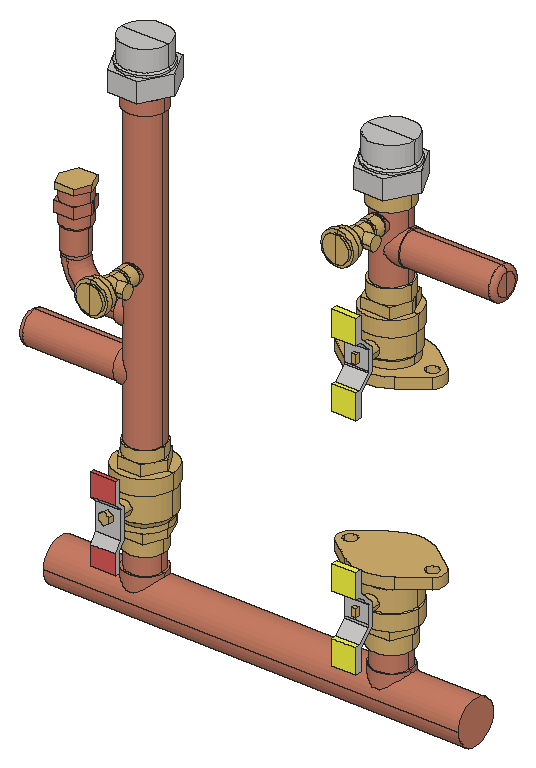
Revit family "Manifold-Navien-NFB-Primary-02", category Pipe Fittings, Revit 2016 (continued)
Dimensions and locks (in)
  locked: Extrusion 22 sketch curve to level at 0.6  (x112)
  locked: Revolve 23 sketch curve to plane 3 "Center (Left/Right)" at 4.805  (x20)
  locked: Revolve 23 sketch curve to plane 3 "Center (Left/Right)" at 5.52596  (x20)
  locked: Revolve 23 sketch curve to plane 3 "Center (Left/Right)" at 9.09329  (x8)
  locked: Revolve 23 sketch curve to plane 3 "Center (Left/Right)" at 9.3  (x20)
  locked: Revolve 23 sketch curve to plane 3 "Center (Left/Right)" at 5.30255  (x4)
  locked: Revolve 23 sketch curve to plane 3 "Center (Left/Right)" at 9.80255  (x4)
  locked: Revolve 23 sketch curve to plane 3 "Center (Left/Right)" at 8.88657  (x2)
  locked: Revolve 23 sketch curve to level at 8.43743  (x20)
  locked: Revolve 23 sketch curve to level at 8.40604  (x20)
  locked: Revolve 23 sketch curve to level at 8.19933  (x8)
  locked: Revolve 23 sketch curve to level at 7.99261  (x2)
  locked: Revolve 23 sketch curve to level at 7.78104  (x32)
  locked: Revolve 24 sketch curve to plane 3 "Center (Left/Right)" at 4.805  (x20)
  locked: Revolve 24 sketch curve to plane 3 "Center (Left/Right)" at 5.60611  (x20)
  locked: Revolve 24 sketch curve to plane 3 "Center (Left/Right)" at 9.10273  (x8)
  locked: Revolve 24 sketch curve to plane 3 "Center (Left/Right)" at 9.3  (x20)
  locked: Revolve 24 sketch curve to plane 3 "Center (Left/Right)" at 5.30255  (x4)
  locked: Revolve 24 sketch curve to plane 3 "Center (Left/Right)" at 9.80255  (x4)
  locked: Revolve 24 sketch curve to plane 3 "Center (Left/Right)" at 8.90546  (x2)
  locked: Revolve 24 sketch curve to level at 16.37493  (x20)
  locked: Revolve 24 sketch curve to level at 16.34354  (x20)
  locked: Revolve 24 sketch curve to level at 16.14627  (x8)
  locked: Revolve 24 sketch curve to level at 15.949  (x2)
  locked: Revolve 24 sketch curve to level at 15.71854  (x32)
  locked: Extrusion 25 to plane 3 "Center (Left/Right)" at 4.805  (x4)
  locked: Extrusion 25 to plane 3 "Center (Left/Right)" at 4.15701  (x4)
  locked: Extrusion 25 sketch curve to plane 3 "Center (Left/Right)" at 7.805  (x8)
  locked: Extrusion 25 sketch curve to plane 1 "Center (Front/Back)" at 1.42073  (x4)
  locked: Extrusion 25 sketch curve to level at 11.22116  (x4)
  locked: Extrusion 26 sketch curve to plane 3 "Center (Left/Right)" at 3.62906  (x16)
  locked: Extrusion 26 sketch curve to plane 3 "Center (Left/Right)" at 4.20392  (x16)
  locked: Extrusion 26 sketch curve to plane 3 "Center (Left/Right)" at 4.22698  (x16)
  locked: Extrusion 26 sketch curve to plane 3 "Center (Left/Right)" at 5.38386  (x16)
  locked: Extrusion 26 sketch curve to plane 3 "Center (Left/Right)" at 5.97851  (x16)
  locked: Extrusion 26 sketch curve to plane 3 "Center (Left/Right)" at 5.40049  (x16)
  locked: Extrusion 26 to plane 1 "Center (Front/Back)" at 1.11642  (x8)
  locked: Extrusion 26 to plane 1 "Center (Front/Back)" at 1.07926  (x8)
  locked: Extrusion 26 sketch curve to plane 1 "Center (Front/Back)" at 1.07926  (x40)
  locked: Extrusion 26 sketch curve to plane 1 "Center (Front/Back)" at 1.11642  (x40)
  locked: Extrusion 26 to level at 18.54846  (x4)
  locked: Extrusion 26 to level at 17.77984  (x4)
  locked: Extrusion 26 sketch curve to level at 0.9153  (x144)
  locked: Extrusion 27 sketch curve to plane 3 "Center (Left/Right)" at 3.89643  (x8)
  locked: Extrusion 27 sketch curve to plane 3 "Center (Left/Right)" at 4.24306  (x8)
  locked: Extrusion 27 sketch curve to plane 3 "Center (Left/Right)" at 4.22853  (x8)
  locked: Extrusion 27 sketch curve to plane 3 "Center (Left/Right)" at 5.40392  (x8)
  locked: Extrusion 27 sketch curve to plane 3 "Center (Left/Right)" at 5.70843  (x8)
  locked: Extrusion 27 sketch curve to plane 3 "Center (Left/Right)" at 5.36796  (x8)
  locked: Extrusion 27 to plane 1 "Center (Front/Back)" at 0.83997  (x4)
  locked: Extrusion 27 to plane 1 "Center (Front/Back)" at 0.8505  (x4)
  locked: Extrusion 27 sketch curve to plane 1 "Center (Front/Back)" at 0.8505  (x20)
  locked: Extrusion 27 sketch curve to plane 1 "Center (Front/Back)" at 0.83997  (x20)
  locked: Extrusion 27 to level at 2.58529  (x4)
  locked: Extrusion 27 to level at 2.2549  (x4)
  locked: Extrusion 27 sketch curve to level at 14.79953  (x72)
  locked: level to Extrusion 1 sketch curve at 0.83583
  locked: plane 1 "Center (Front/Back)" to Extrusion 1 sketch curve at 0.83583  (x3)
  locked: Extrusion 28 to plane 3 "Center (Left/Right)" at 3.07086  (x2)
  locked: Extrusion 28 to plane 3 "Center (Left/Right)" at 1.83669  (x2)
  locked: Extrusion 28 sketch curve to plane 3 "Center (Left/Right)" at 1.83669  (x10)
  locked: Extrusion 28 sketch curve to plane 3 "Center (Left/Right)" at 3.07086  (x10)
  locked: Extrusion 28 sketch curve to plane 3 "Center (Left/Right)" at 2.95427  (x4)
  locked: Extrusion 28 sketch curve to plane 3 "Center (Left/Right)" at 2.29821  (x4)
  locked: Extrusion 28 to plane 1 "Center (Front/Back)" at 3.31555  (x2)
  locked: Extrusion 28 to plane 1 "Center (Front/Back)" at 1.27142  (x2)
  locked: Extrusion 28 sketch curve to plane 1 "Center (Front/Back)" at 1.64724  (x36)
  locked: Extrusion 28 sketch curve to plane 3 "Center (Left/Right)" at 2.32609
  locked: Extrusion 28 to level at 6.5249  (x2)
  locked: Extrusion 28 to level at 10.78585  (x2)
  locked: Extrusion 28 sketch curve to level at 6.5249  (x10)
  locked: Extrusion 28 sketch curve to level at 9.71852  (x4)
  locked: Extrusion 28 sketch curve to level at 10.71842  (x4)
  locked: Extrusion 28 sketch curve to level at 9.67198
  locked: Extrusion 28 sketch curve to level at 10.78585  (x10)
  locked: Extrusion 29 to plane 3 "Center (Left/Right)" at 3.24369  (x2)
  locked: Extrusion 29 to plane 3 "Center (Left/Right)" at 6.36702  (x2)
  locked: Extrusion 29 sketch curve to plane 3 "Center (Left/Right)" at 6.07545  (x4)
  locked: Extrusion 29 sketch curve to plane 3 "Center (Left/Right)" at 6.36702  (x10)
  locked: Extrusion 29 sketch curve to plane 3 "Center (Left/Right)" at 6.07702  (x4)
  locked: Extrusion 29 sketch curve to plane 3 "Center (Left/Right)" at 3.53369  (x8)
  locked: Extrusion 29 sketch curve to plane 3 "Center (Left/Right)" at 3.24369  (x12)
  locked: Extrusion 29 to plane 1 "Center (Front/Back)" at 0.93991  (x4)
  locked: Extrusion 29 sketch curve to plane 1 "Center (Front/Back)" at 1.64724  (x48)
  locked: Extrusion 29 sketch curve to plane 3 "Center (Left/Right)" at 5.78388
  locked: Extrusion 29 sketch curve to plane 3 "Center (Left/Right)" at 5.78702
  locked: Extrusion 29 to level at 9.68024  (x2)
  locked: Extrusion 29 to level at 6.25861  (x2)
  locked: Extrusion 29 sketch curve to level at 9.68024  (x10)
  locked: Extrusion 29 sketch curve to level at 9.38867  (x4)
  locked: Extrusion 29 sketch curve to level at 9.09709
  locked: Extrusion 29 sketch curve to level at 6.54861  (x8)
  locked: Extrusion 29 sketch curve to level at 6.25861  (x12)
  locked: Extrusion 29 sketch curve to level at 9.39024  (x4)
  locked: Extrusion 29 sketch curve to level at 9.10024
  locked: Extrusion 30 to plane 1 "Center (Front/Back)" at 3.31555  (x2)
  locked: Extrusion 30 to plane 1 "Center (Front/Back)" at 0.93991  (x2)
  locked: Extrusion 30 sketch curve to plane 1 "Center (Front/Back)" at 1.64724  (x4)
  locked: Extrusion 30 sketch curve to plane 3 "Center (Left/Right)" at 3.28976  (x2)
  locked: Extrusion 30 sketch curve to level at 6.44215  (x2)
  locked: Extrusion 31 sketch curve to plane 3 "Center (Left/Right)" at 3.83138  (x8)
  locked: Extrusion 31 sketch curve to plane 3 "Center (Left/Right)" at 5.77862  (x8)
  locked: Extrusion 31 sketch curve to plane 3 "Center (Left/Right)" at 3.1823  (x2)
  locked: Extrusion 31 sketch curve to plane 3 "Center (Left/Right)" at 6.72027  (x8)
  locked: Extrusion 31 sketch curve to plane 3 "Center (Left/Right)" at 5.74958
  locked: Extrusion 31 sketch curve to plane 3 "Center (Left/Right)" at 2.88973  (x8)
  locked: Extrusion 31 sketch curve to plane 3 "Center (Left/Right)" at 2.75897
  locked: Extrusion 31 sketch curve to plane 3 "Center (Left/Right)" at 6.1605  (x2)
  locked: Extrusion 31 sketch curve to plane 3 "Center (Left/Right)" at 2.9495  (x2)
  locked: Extrusion 31 sketch curve to plane 1 "Center (Front/Back)" at 1.0625  (x16)
  locked: plane 1 "Center (Front/Back)" to Extrusion 31 sketch curve at 1.38704  (x2)
  locked: Extrusion 31 sketch curve to plane 1 "Center (Front/Back)" at 0.35626  (x16)
  locked: Extrusion 31 to level at 11.14896  (x2)
  locked: Extrusion 31 to level at 10.61632  (x2)
  locked: Extrusion 31 sketch curve to level at 0.189  (x56)
  locked: Extrusion 32 sketch curve to plane 3 "Center (Left/Right)" at 3.83138  (x8)
  locked: Extrusion 32 sketch curve to plane 3 "Center (Left/Right)" at 5.77862  (x8)
  locked: Extrusion 32 sketch curve to plane 3 "Center (Left/Right)" at 3.1823  (x2)
  locked: Extrusion 32 sketch curve to plane 3 "Center (Left/Right)" at 6.72027  (x8)
  locked: Extrusion 32 sketch curve to plane 3 "Center (Left/Right)" at 5.74958
  locked: Extrusion 32 sketch curve to plane 3 "Center (Left/Right)" at 2.88973  (x8)
  locked: Extrusion 32 sketch curve to plane 3 "Center (Left/Right)" at 2.75897
  locked: Extrusion 32 sketch curve to plane 3 "Center (Left/Right)" at 6.1605  (x2)
  locked: Extrusion 32 sketch curve to plane 3 "Center (Left/Right)" at 2.9495  (x2)
  locked: Extrusion 32 sketch curve to plane 1 "Center (Front/Back)" at 1.0625  (x16)
  locked: plane 1 "Center (Front/Back)" to Extrusion 32 sketch curve at 1.38704  (x2)
  locked: Extrusion 32 sketch curve to plane 1 "Center (Front/Back)" at 0.35626  (x16)
  locked: Extrusion 32 to level at 5.42303  (x2)
  locked: Extrusion 32 to level at 4.89039  (x2)
  locked: Extrusion 32 sketch curve to level at 5.91493  (x56)
  locked: Revolve 33 sketch curve to plane 3 "Center (Left/Right)" at 4.805  (x36)
  locked: Revolve 33 sketch curve to plane 3 "Center (Left/Right)" at 5.67294  (x10)
  locked: Revolve 33 sketch curve to plane 3 "Center (Left/Right)" at 5.97983  (x20)
  locked: Revolve 33 to level at 5.42303  (x4)
  locked: Revolve 33 to level at 10.61632  (x4)
  locked: Revolve 33 to level at 11.14896  (x4)
  locked: Revolve 33 to level at 11.31968  (x4)
  locked: Revolve 33 to level at 4.71968  (x4)
  locked: Revolve 33 to level at 4.89039  (x4)
  locked: Revolve 33 sketch curve to level at 10.61632  (x10)
  locked: Revolve 33 sketch curve to level at 5.42303  (x10)
  locked: Revolve 33 sketch curve to level at 11.31968  (x10)
  locked: Revolve 33 sketch curve to level at 11.14896  (x10)
  locked: Revolve 33 sketch curve to level at 4.89039  (x10)
  locked: Revolve 33 sketch curve to level at 4.71968  (x10)
  locked: Revolve 33 sketch curve to level at 14.09043  (x2)
  locked: Revolve 33 sketch curve to level at 1.40957  (x2)
  locked: Extrusion 34 to plane 1 "Center (Front/Back)" at 0.2812  (x2)
  locked: Extrusion 34 to plane 1 "Center (Front/Back)" at 0.93991  (x2)
  locked: Extrusion 34 sketch curve to plane 1 "Center (Front/Back)" at 1.64724  (x4)
  locked: Extrusion 34 sketch curve to plane 3 "Center (Left/Right)" at 2.90595  (x2)
  locked: Extrusion 34 sketch curve to level at 6.05833  (x2)
  locked: Extrusion 35 to plane 3 "Center (Left/Right)" at 3.07086  (x2)
  locked: Extrusion 35 to plane 3 "Center (Left/Right)" at 4.00052  (x2)
  locked: Extrusion 35 sketch curve to plane 3 "Center (Left/Right)" at 4.00052  (x10)
  locked: Extrusion 35 sketch curve to plane 3 "Center (Left/Right)" at 3.07086  (x10)
  locked: Extrusion 35 to plane 1 "Center (Front/Back)" at 3.14891  (x2)
  locked: Extrusion 35 to plane 1 "Center (Front/Back)" at 1.27142  (x2)
  locked: Extrusion 35 sketch curve to plane 1 "Center (Front/Back)" at 1.64724  (x24)
  locked: Extrusion 35 to level at 9.2618  (x2)
  locked: Extrusion 35 to level at 6.67922  (x2)
  locked: Extrusion 35 sketch curve to level at 9.2618  (x10)
  locked: Extrusion 35 sketch curve to level at 6.67922  (x10)
  locked: Extrusion 36 to plane 3 "Center (Left/Right)" at 3.24369  (x2)
  locked: Extrusion 36 to plane 3 "Center (Left/Right)" at 6.36702  (x2)
  locked: Extrusion 36 sketch curve to plane 3 "Center (Left/Right)" at 6.07545  (x4)
  locked: Extrusion 36 sketch curve to plane 3 "Center (Left/Right)" at 6.36702  (x10)
  locked: Extrusion 36 sketch curve to plane 3 "Center (Left/Right)" at 6.07702  (x4)
  locked: Extrusion 36 sketch curve to plane 3 "Center (Left/Right)" at 3.53369  (x8)
  locked: Extrusion 36 sketch curve to plane 3 "Center (Left/Right)" at 3.24369  (x12)
  locked: Extrusion 36 to plane 1 "Center (Front/Back)" at 1.27142  (x2)
  locked: Extrusion 36 to plane 1 "Center (Front/Back)" at 0.93991  (x2)
  locked: Extrusion 36 sketch curve to plane 1 "Center (Front/Back)" at 1.64724  (x48)
  locked: Extrusion 36 sketch curve to plane 3 "Center (Left/Right)" at 5.78388
  locked: Extrusion 36 sketch curve to plane 3 "Center (Left/Right)" at 5.78702
  locked: Extrusion 36 to level at 9.68024  (x2)
  locked: Extrusion 36 to level at 6.25861  (x2)
  locked: Extrusion 36 sketch curve to level at 9.68024  (x10)
  locked: Extrusion 36 sketch curve to level at 9.38867  (x4)
  locked: Extrusion 36 sketch curve to level at 9.09709
  locked: Extrusion 36 sketch curve to level at 6.54861  (x8)
  locked: Extrusion 36 sketch curve to level at 6.25861  (x12)
  locked: Extrusion 36 sketch curve to level at 9.39024  (x4)
  locked: Extrusion 36 sketch curve to level at 9.10024
  locked: Extrusion 37 to plane 1 "Center (Front/Back)" at 0.22438  (x2)
  locked: Extrusion 37 to plane 1 "Center (Front/Back)" at 0.93991  (x2)
  locked: Extrusion 37 sketch curve to plane 1 "Center (Front/Back)" at 1.64724  (x4)
  locked: Extrusion 37 sketch curve to plane 3 "Center (Left/Right)" at 3.06813  (x2)
  locked: Extrusion 37 sketch curve to level at 6.22051  (x2)
  aligned and locked: plane 6 to Revolve 2 sketch curve
  aligned and locked: Extrusion 15 to plane 7
  aligned and locked: plane 10 to Extrusion 1
  aligned and locked: Extrusion 1 to plane 11
Connectors (in)
  piping at (-4.805, 0, 19.5), diameter 1.25
    settings: on cut or joined group 1 (Extrusion 1, Revolve 2, Revolve 3, Revolve 5, Extrusion 10, Extrusion 11, Revolve 13, Revolve 14, Extrusion 16, Revolve 23, Revolve 24), index 1, connector inside diameter 24", connector length 0.0", flow factor 0, pipe flow 0 GPM, pressure drop 0.00 psi, fitting loss kfactor 0, connector angle 0.00°, fixture units 0, engagement length 0.0", angle of deflection 0.00°, flow configuration 0, flow direction 2, fitting loss method 0, system type 20, joint type 0, gender type 0, connector reference index -1, connector utility 0, adjustable connector no, is connector primary yes, connector description "Heating Supply Connection"
  piping at (4.805, 0, 19.51404), diameter 1.25
    settings: on cut or joined group 1, index 2, connector inside diameter 24", connector length 0.0", flow factor 0, pipe flow 0 GPM, pressure drop 0.00 psi, fitting loss kfactor 0, connector angle 0.00°, fixture units 0, engagement length 0.0", angle of deflection 0.00°, flow configuration 0, flow direction 1, fitting loss method 0, system type 19, joint type 0, gender type 0, connector reference index -1, connector utility 0, adjustable connector no, is connector primary no, connector description "Heating Return Connection"
  piping at (8.1, 0, 0), diameter 1.5
    settings: on cut or joined group 1, index 3, connector inside diameter 24", connector length 0.0", flow factor 0, pipe flow 0 GPM, pressure drop 0.00 psi, fitting loss kfactor 0, connector angle 0.00°, fixture units 0, engagement length 0.0", angle of deflection 0.00°, flow configuration 0, flow direction 0, fitting loss method 0, system type 19, joint type 0, gender type 0, connector reference index -1, connector utility 0, adjustable connector no, is connector primary no, connector description "Heating Return Connection"
  piping at (-8.1, 0, 0), diameter 1.5
    settings: on cut or joined group 1, index 4, connector inside diameter 24", connector length 0.0", flow factor 0, pipe flow 0 GPM, pressure drop 0.00 psi, fitting loss kfactor 0, connector angle 0.00°, fixture units 0, engagement length 0.0", angle of deflection 0.00°, flow configuration 0, flow direction 0, fitting loss method 0, system type 19, joint type 0, gender type 0, connector reference index -1, connector utility 0, adjustable connector no, is connector primary no, connector description "Heating Supply Connection"
